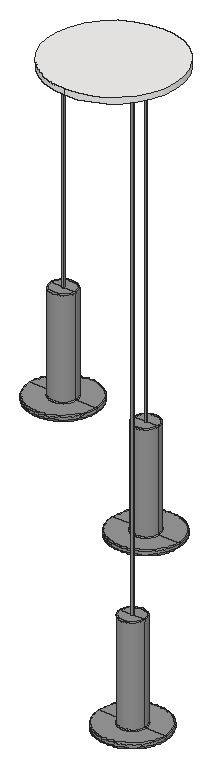
Revit family "Haworth_Cielo_Pendant_ThreeLight", category Lighting Fixtures, host Ceiling, Revit 2018
Family settings
  Host = Ceiling
  Round Connector Dimension = Use Diameter
  Part Type = Normal
  OmniClass Number = 23.80.70.11
  OmniClass Title = Luminaries for Internal Lighting
  Always vertical = Yes
  Cut with Voids When Loaded = No
  Light Source = Yes
  Shared = No
  Room Calculation Point = No
Parameters (values of type "LEP3-1210")
  Wattage = 8 W
  built-in parameter 1150110 = 1 (stored number, unit not read)
  built-in parameter 1114217 = 1 (stored number, unit not read)
  Tilt Angle = 90.00°
  built-in parameter 1150109 = 1 (stored number, unit not read)
  built-in parameter 1150134 = (empty or 0)
  built-in parameter 1150113 = 1 (stored number, unit not read)
  Photometric Web File = "generic"
  built-in parameter 1150142 = (empty or 0)
  built-in parameter 1150105 = 30.558 (stored number, unit not read)
  Lumens = 384 lm
  built-in parameter 1150115 = 1 (stored number, unit not read)
  Light Offset [instance] = Actual Cords 3 Length + 0' 10"  # 4' - 4"
  built-in parameter 1150137 = (empty or 0)
  built-in parameter 1150139 = (empty or 0)
  Lamps Width = 1' - 5"  # constant formula
  Warranty = "http://www.haworth.com/resources/product-info/warranties"
  URL - Product = "https://www.haworth.com/products/lighting/pendant/cielo"
  URL = "http://www.haworth.com/our-brands/haworth-collection"
  Trim Finish [instance] = Haworth _ Metal _ Stainless Steel
  Size = "Verify Final Dim. w/ Haworth"  # constant formula
  Revision Number = "1"  # constant formula
  Model = "LEP3-1210"  # constant formula
  Min. Cords Length = 1' - 0"  # constant formula
  Max. Cords Length = 10' - 0"  # constant formula
  Manufacturer = "Haworth"  # constant formula
  built-in parameter 1150112 = 1 (stored number, unit not read)
  built-in parameter 1150114 = 1 (stored number, unit not read)
  built-in parameter 1150132 = (empty or 0)
  built-in parameter 1150102 = (empty or 0)
  built-in parameter 1150107 = 3000 (stored number, unit not read)
  built-in parameter 1150138 = (empty or 0)
  built-in parameter 1150106 = 0.30558 (stored number, unit not read)
  Glass Finish = Haworth _ Glass _ Frosted
  Emit from Circle Diameter = 2' - 0"
  Emit Shape Visible in Rendering = no
  built-in parameter 1150104 = 4.4593 (stored number, unit not read)
  Dimming Lamp Color Temperature Shift = <None>
  Description = "Haworth - Cielo - Pendant with Three Lights"  # constant formula
  Cords Finish = Haworth _ Metal _ Satin Aluminum_Grey-Cord TR-E05
  Cords 3 Length [instance] = 3' - 6"  # constant formula
  Cords 2 Length [instance] = 1' - 6"  # constant formula
  Cords 1 Length [instance] = 2' - 6"  # constant formula
  Color Filter = 16777215
  built-in parameter 1140040 [instance] = 1
  built-in parameter 1114218 = 1 (stored number, unit not read)
  Author = "Haworth (Alias)"  # constant formula
  built-in parameter 1150133 = 10 (stored number, unit not read)
  Assembly Code = "D5020200"
  Apparent Load = 0 VA
  Actual Cords 3 Length [instance] = if(Cords 3 Length > Max. Cords Length, Max. Cords Length, if(Cords 3 Length < Min. Cords Length, Min. Cords Length, Cords 3 Length))  # 3' - 6"
  Actual Cords 2 Length [instance] = if(Cords 2 Length > Max. Cords Length, Max. Cords Length, if(Cords 2 Length < Min. Cords Length, Min. Cords Length, Cords 2 Length))  # 1' - 6"
  Actual Cords 1 Length [instance] = if(Cords 1 Length > Max. Cords Length, Max. Cords Length, if(Cords 1 Length < Min. Cords Length, Min. Cords Length, Cords 1 Length))  # 2' - 6"
Reference planes (in)
  plane 1 "Light Source Axis (F/B)": y = 0
  plane 2 "Ceiling": z = 130.5
  plane 3 "Light Source Axis (L/R)": x = 0
  plane 4 "Light Source Elevation": z = 78
  plane 5 "Back": y = 8.5
  plane 6 "Front": y = -8.5
  plane 7 "Left": x = -8.5
  plane 8 "Right": x = 8.5
  plane 9 "Bottom Bracket": z = 130
  plane 10 "Pendant 1-2": x = 0
  plane 11 "Pendant 1-1": y = 3.56254
  plane 12 "Pendant 2-1": x = 3.08525
  plane 13 "Pendant 2-2": y = -1.78127
  plane 14 "Pendant 3-1": x = -3.08525
  plane 15 "Pendant 3-2": y = -1.78127
Forms (in)
  Extrusion 1, solid, material "Haworth _ Paint _ Collection White"
    sketch origin (0, 0, 78) x (0, -1, 0) y (1, 0, 0)
      loop
        circle (0, 0) r 5.48241
    from 52 to 52.5
Lines and regions (in)
  Masking region 1
    outline origin (0, 0, 78) x (0, -1, 0) y (1, 0, 0)
      loop
        circle (0, 0) r 8.5
  Masking region 2
    outline origin (0, 0, 78.91326) x (0, -1, 0) y (1, 0, 0)
      loop
        circle (1.78127, 3.08525) r 3
      loop
        circle (1.78127, -3.08525) r 3
      loop
        circle (-3.56254, 0) r 3
Dimensions and locks (in)
  equal spacing: host sketch curve, plane 3 "Light Source Axis (L/R)", host sketch curve
  equal spacing: host sketch curve, plane 1 "Light Source Axis (F/B)", host sketch curve
  host sketch curve to host sketch curve = 10' - 0"  (x2)
  locked: plane 2 "Ceiling" to plane 9 "Bottom Bracket" at 0.5
  equal spacing: plane 7 "Left", plane 3 "Light Source Axis (L/R)", plane 8 "Right"  (x2)
  equal spacing: plane 5 "Back", plane 1 "Light Source Axis (F/B)", plane 6 "Front"
  "Lamps Width": plane 7 "Left" to plane 8 "Right"
  "Lamps Width": plane 5 "Back" to plane 6 "Front"
  "Light Offset": plane 9 "Bottom Bracket" to plane 4 "Light Source Elevation"
  radius of Extrusion 1 sketch curve = 0' - 5.48241"
  aligned and locked: plane 2 "Ceiling" to host ceiling
  aligned and locked: plane 2 "Ceiling" to Extrusion 1
  aligned and locked: plane 9 "Bottom Bracket" to Extrusion 1
  aligned and locked: plane 3 "Light Source Axis (L/R)" to Masking region 1 sketch curve
  aligned and locked: plane 1 "Light Source Axis (F/B)" to Masking region 1 sketch curve
  aligned and locked: plane 1 "Light Source Axis (F/B)" to Extrusion 1 sketch curve
  aligned and locked: plane 3 "Light Source Axis (L/R)" to Extrusion 1 sketch curve
  aligned and locked: plane 3 "Light Source Axis (L/R)" to nested 1
  aligned and locked: nested 1 to plane 11 "Pendant 1-1"
  aligned and locked: nested 2 to plane 12 "Pendant 2-1"
  aligned and locked: nested 2 to plane 13 "Pendant 2-2"
  aligned and locked: nested 3 to plane 14 "Pendant 3-1"
  aligned and locked: nested 3 to plane 15 "Pendant 3-2"
  aligned and locked: plane 2 "Ceiling" to nested 2
  aligned and locked: plane 2 "Ceiling" to nested 1
  aligned and locked: plane 2 "Ceiling" to nested 3
  aligned and locked: plane 13 "Pendant 2-2" to Masking region 2 sketch curve
  aligned and locked: plane 12 "Pendant 2-1" to Masking region 2 sketch curve
  aligned and locked: plane 11 "Pendant 1-1" to Masking region 2 sketch curve
  aligned and locked: plane 10 "Pendant 1-2" to Masking region 2 sketch curve
  aligned and locked: plane 14 "Pendant 3-1" to Masking region 2 sketch curve
  aligned and locked: plane 15 "Pendant 3-2" to Masking region 2 sketch curve
  aligned and locked: plane 10 "Pendant 1-2" to imposter light
  aligned and locked: imposter light to plane 1 "Light Source Axis (F/B)"
  aligned and locked: imposter light to plane 4 "Light Source Elevation"
Automatic sketch dimensions
  radius of Masking region 1 sketch curve = 0' - 8 1/2"
  radius of Masking region 2 sketch curve = 0' - 3"  (x3)
Nested families (in)
  nested 1: "Haworth_Cielo_Pendant_PART" at (0, 3.56254, 90.5), Cords Length <- "Actual Cords 1 Length", type "Pendant"
    with Cords Length 2' - 6", Actual Cords Length 2' - 6"
  nested 2: "Haworth_Cielo_Pendant_PART" at (3.08525, -1.78127, 78.5), Cords Length <- "Actual Cords 3 Length", type "Pendant"
    with Cords Length 3' - 6", Actual Cords Length 3' - 6"
  nested 3: "Haworth_Cielo_Pendant_PART" at (-3.08525, -1.78127, 102.5), Cords Length <- "Actual Cords 2 Length", type "Pendant"
    with Cords Length 1' - 6", Actual Cords Length 1' - 6"
Connectors (in)
  electrical at (0, 0, 130.5), driven by "Apparent Load"
    settings: on Extrusion 1, index 1, voltage 120 V, apparent load 0 VA, apparent load phase1 0 VA, apparent load phase2 0 VA, apparent load phase3 0 VA, power factor 1, load classification "Other", number of poles 1, system type 31, power factor state 1, is connector primary yes, connector utility no, sub classification motor no, connector description ""
Definition of nested family "Haworth_Cielo_Pendant_PART"
  Parameters (values of type "Pendant")
    Wattage = 8 W
    Warranty = "http://www.haworth.com/resources/product-info/warranties"
    built-in parameter 1150110 = 1 (stored number, unit not read)
    URL - Product = "https://www.haworth.com/products/lighting/pendant/cielo"
    URL = "http://www.haworth.com/our-brands/haworth-collection"
    Trim Finish = none
    built-in parameter 1114217 = 1 (stored number, unit not read)
    Tilt Angle = 90.00°
    built-in parameter 1150109 = 1 (stored number, unit not read)
    built-in parameter 1150134 = (empty or 0)
    built-in parameter 1150113 = 1 (stored number, unit not read)
    Size = "Verify Final Dim. w/ Haworth"  # constant formula
    Revision Number = "1"  # constant formula
    Photometric Web File = "generic"
    built-in parameter 1150142 = (empty or 0)
    Model = "LEP"  # constant formula
    Min. Cords Length = 1' - 0"  # constant formula
    Max. Cords Length = 10' - 0"  # constant formula
    Manufacturer = "Haworth"  # constant formula
    built-in parameter 1150105 = 30.558 (stored number, unit not read)
    Lumens = 384 lm
    built-in parameter 1150115 = 1 (stored number, unit not read)
    built-in parameter 1150137 = (empty or 0)
    built-in parameter 1150139 = (empty or 0)
    Lamps Width = 0' - 6"  # constant formula
    built-in parameter 1150112 = 1 (stored number, unit not read)
    built-in parameter 1150114 = 1 (stored number, unit not read)
    built-in parameter 1150132 = (empty or 0)
    built-in parameter 1150102 = (empty or 0)
    built-in parameter 1150107 = 3000 (stored number, unit not read)
    built-in parameter 1150138 = (empty or 0)
    built-in parameter 1150106 = 0.30558 (stored number, unit not read)
    Glass Finish = none
    Emit from Circle Diameter = 2' - 0"
    Emit Shape Visible in Rendering = no
    built-in parameter 1150104 = 4.4593 (stored number, unit not read)
    Dimming Lamp Color Temperature Shift = (empty or 0)
    Description = "Haworth - Cielo - Pendant"  # constant formula
    Cords Length [instance] = 2' - 8"
    Cords Finish = none
    Color Filter = 16777215
    built-in parameter 1114218 = 1 (stored number, unit not read)
    Author = "Haworth(Alias)"  # constant formula
    built-in parameter 1150133 = 10 (stored number, unit not read)
    Actual Cords Length [instance] = if(Cords Length > Max. Cords Length, Max. Cords Length, if(Cords Length < Min. Cords Length, Min. Cords Length, Cords Length))  # 2' - 8"
  Reference planes (in)
    plane 1 "Light Source Axis (F/B)": y = 0
    plane 2: z = 0
    plane 3 "Light Source Axis (L/R)": x = 0
    plane 4 "Light Source Elevation": z = 0.26953
    plane 5: y = 3
    plane 6: y = -3
    plane 7: x = 3
    plane 8: x = -3
    plane 9 "Top": z = 42
    plane 10 "Bottom Bracket": z = 41.5
    plane 11 "Bottom Cords": z = 9.5
    plane 12 "Middle Lamps": z = 0.85937
    plane 13 "Bottom Lamps": z = 0.46875
  Forms (in)
    Revolve 1, solid, material <- "Trim Finish"
      sketch origin (0, 0, 0) x (1, 0, 0) y (0, 0, 1)
        loop
          line (0, 9.5) -> (0, 0.46875) -> (2.9375, 0.46875)
          arc (2.9375, 0.46875) -> (2.98169, 0.48706) -> (3, 0.53125) r 0.0625
          line (3, 0.53125) -> (3, 0.79687)
          arc (3, 0.79687) -> (2.98169, 0.84107) -> (2.9375, 0.85937) r 0.0625
          line (2.9375, 0.85937) -> (1.18689, 0.85937)
          arc (1.18689, 0.85937) -> (1.14269, 0.87768) -> (1.12439, 0.92187) r 0.0625
          line (1.12439, 0.92187) -> (1.12439, 9.4375)
          arc (1.12439, 9.4375) -> (1.10608, 9.48169) -> (1.06189, 9.5) r 0.0625
          line (1.06189, 9.5) -> (0, 9.5)
        axis (0, 9.5) -> (0, 0.46875)
      angle from 0 to 360
    Extrusion 2, solid, material <- "Cords Finish"
      sketch origin (0, 0, 0) x (1, 0, 0) y (0, 1, 0)
        loop
          circle (0, 0) r 0.08004
      from 9.5 to 41.5
  Lines and regions (in)
    Masking region 1
      outline origin (0, 0, 0) x (1, 0, 0) y (0, 1, 0)
        loop
          circle (0, 0) r 3
  Dimensions and locks (in)
    locked: plane 9 "Top" to plane 10 "Bottom Bracket" at 0.5
    "Actual Cords Length": plane 10 "Bottom Bracket" to plane 11 "Bottom Cords"
    locked: plane 11 "Bottom Cords" to plane 12 "Middle Lamps" at 8.64062
    locked: plane 12 "Middle Lamps" to plane 4 "Light Source Elevation" at 0.58984
    locked: plane 4 "Light Source Elevation" to plane 2 at 0.26953
    radius of Masking region 1 sketch curve = 0' - 3"
    aligned and locked: level to plane 2
    aligned and locked: imposter light to plane 4 "Light Source Elevation"
    aligned and locked: plane 3 "Light Source Axis (L/R)" to Revolve 1 sketch curve
    aligned and locked: Revolve 1 sketch curve to plane 13 "Bottom Lamps"
    aligned and locked: plane 12 "Middle Lamps" to Revolve 1 sketch curve
    aligned and locked: Revolve 1 sketch curve to plane 7
    aligned and locked: Revolve 1 sketch curve to plane 3 "Light Source Axis (L/R)"
    aligned and locked: plane 1 "Light Source Axis (F/B)" to Extrusion 2 sketch curve
    aligned and locked: plane 3 "Light Source Axis (L/R)" to Extrusion 2 sketch curve
    aligned and locked: plane 11 "Bottom Cords" to Extrusion 2
    aligned and locked: Extrusion 2 to plane 10 "Bottom Bracket"
  Automatic sketch dimensions
    Revolve 1 sketch curve to plane 11 "Bottom Cords" = 0' - 0"
    plane 11 "Bottom Cords" to Revolve 1 sketch curve = 0' - 0 1/16"
    plane 3 "Light Source Axis (L/R)" to Revolve 1 sketch curve = 0' - 1.06189"
    Revolve 1 sketch curve to Revolve 1 sketch curve = 0' - 0 1/16"  (x2)
    Revolve 1 sketch curve to plane 7 = 0' - 0 1/16"
    Revolve 1 sketch curve to level = 0' - 5 1/2"
    Revolve 1 sketch curve to plane 11 "Bottom Cords" = 0' - 5"
    plane 1 "Light Source Axis (F/B)" to Masking region 1 sketch curve = 0' - 0"
    Masking region 1 sketch curve to plane 3 "Light Source Axis (L/R)" = 0' - 0"
    radius of Extrusion 2 sketch curve = 0' - 0.08004"
